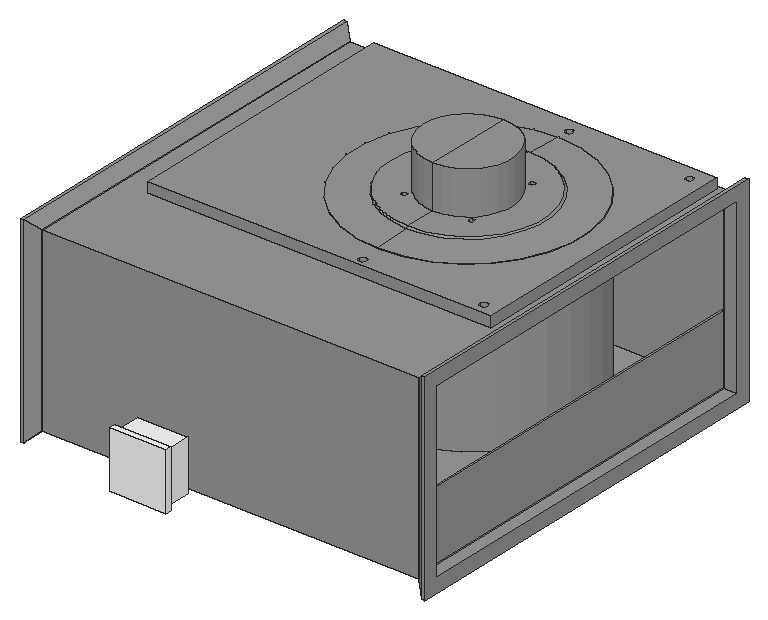
Revit family "RKB 600X300 E3 EC_7480102", category Mechanical Equipment, Revit 2014
Parameters (values of type "RBK 600X300 E3 EC")
  Wiring diagram = "4040147"
  Width = 642 mm
  Weight = 29.10 kg
  Voltage range = "380-480 V"
  Voltage = 400 V
  Speed = "2500 rpm"
  Sound pressure level at 3 m = "71 dB(A)"
  Power = 1220 W
  Phase = 3
  Max. temperature of transported air when speed controlled = 60 °C
  Max. temperature of transported air = 60 °C
  Main Material = Steel, Galvanized
  Height = 391 mm
  Frequency = 50 Hz
  Elevation [instance] = 2600 mm
  Description = "UNINSULATED DUCT FANS WITH RECTANGULAR CONNECTIONS"
  Depth = 643 mm
  Current = 1.88 A
  Connector Height = 300 mm
  Connector Width = 600 mm
  Capacitor = "- μF"
Reference planes
  plane 1 "Center (Front/Back)": y = 0
  plane 2: z = 0
  plane 3 "Center (Left/Right)": x = 0
  plane 4: x = -321
  plane 5: x = 321
  plane 6: y = 321.5
  plane 7: y = -321.5
  plane 8: z = 2600
  plane 9: z = 2991
Dimensions and locks
  equal spacing: plane 4, plane 3 "Center (Left/Right)", plane 5
  "Width": plane 4 to plane 5
  equal spacing: plane 6, plane 1 "Center (Front/Back)", plane 7
  "Depth": plane 6 to plane 7
  "Elevation": plane 8 to level
  "Height": plane 9 to plane 8
  aligned and locked: level to plane 2
  aligned and locked: nested 1 to plane 1 "Center (Front/Back)"
  aligned and locked: plane 1 "Center (Front/Back)" to nested 2
  aligned and locked: plane 3 "Center (Left/Right)" to nested 2
  aligned and locked: nested 2 to plane 8
  aligned and locked: plane 3 "Center (Left/Right)" to nested 1
Nested families
  nested 1: "Flow direction symbol" at (0, 0, 0), type "Flow direction symbol"
  nested 2: "RKB" at (0, 0, 2600), type "RKB"
Connectors
  electrical at (-107.218, -355.269, 2649), driven by "Phase", driven by "Voltage", driven by "Power"
    settings: on nested 2, index 3, voltage 400 V, apparent load 0 VA, apparent load phase1 1220 VA, apparent load phase2 0 VA, apparent load phase3 0 VA, power factor 1, load classification "HVAC", number of poles 3, system type 31, power factor state 1, is connector primary yes, connector utility no, sub classification motor no, connector description ""
  hvac at (-321, 0, 2759), driven by "Connector Height", driven by "Connector Width"
    settings: on nested 2, index 4, duct flow 0.0 L/s, flow factor 0, pres drop 0.0 Pa, loss coef 0, conn angle 0.00°, conn width 600 mm, conn height 300 mm, conn diameter 609.6 mm, duct sys type 1, conn prof type 1, flow config 0, flow direction 1, loss method 0, conn ref index -1, conn util no, is conn primary yes, conn desc ""
  hvac at (299.769, 0, 2759), driven by "Connector Height", driven by "Connector Width"
    settings: on nested 2, index 5, duct flow 0.0 L/s, flow factor 0, pres drop 0.0 Pa, loss coef 0, conn angle 0.00°, conn width 600 mm, conn height 300 mm, conn diameter 609.6 mm, duct sys type 3, conn prof type 1, flow config 0, flow direction 2, loss method 0, conn ref index -1, conn util no, is conn primary no, conn desc ""
Definition of nested family "RKB"
  Parameters (values of type "RKB")
    Width = 642 mm
    Main Material = Steel, Galvanized
    Height = 391 mm
    Description = ""
    Depth = 643 mm
    Connector Width = 600 mm
    Connector Heigth = 300 mm
  Reference planes
    plane 1 "Center (Front/Back)": y = 0
    plane 2: z = 0
    plane 3 "Center (Left/Right)": x = 0
    plane 4: x = -321
    plane 5: x = 321
    plane 6: y = 321.5
    plane 7: y = -321.5
    plane 8: z = 318
    plane 9: z = 119
    plane 10: x = -107.218
    plane 11: z = 159
    plane 12: z = 309
    plane 13: z = 9
    plane 14: y = 300
    plane 15: y = -300
    plane 16: z = 61.5
    plane 17: y = 24.017
    plane 18: z = 391
    plane 19: x = 71.904
    plane 20: y = 76.712
  Forms (mm)
    Sweep 1, solid, material "Steel, Galvanized" <- "Main Material", detail levels medium+fine
      path origin (-321, 864.407, 1200) x (0, 1, 0) y (0, 0, 1)
        loop
          line (-542.907, -1200) -> (-542.907, -882) -> (-1185.907, -882) -> (-1185.907, -1200) -> (-542.907, -1200)
      profile origin (-321, 321.5, 159) x (0, -1, 0) y (1, 0, 0)
        loop
          line (22.203, 21.231) -> (16.231, 21.231) -> (0, 5) -> (0, 0) -> (22.203, 0) -> (22.203, 21.231)
    Sweep 2, solid, material "Steel, Galvanized" <- "Main Material", detail levels medium+fine
      path origin (321, 864.407, 1200) x (0, 1, 0) y (0, 0, 1)
        loop
          line (-542.907, -1200) -> (-542.907, -882) -> (-1185.907, -882) -> (-1185.907, -1200) -> (-542.907, -1200)
      profile origin (321, 321.5, 159) x (0, -1, 0) y (1, 0, 0)
        loop
          line (22.203, -21.231) -> (22.203, 0) -> (0, 0) -> (0, -5) -> (16.231, -21.231) -> (22.203, -21.231)
    Revolve 3, solid, material "Steel, Galvanized" <- "Main Material", detail levels medium+fine
      sketch origin (71.904, 56.739, 1332.69) x (0, -1, 0) y (0, 0, 1)
        loop
          line (-19.973, -1281.823) -> (-19.973, -941.69) -> (-89.973, -941.69) -> (-89.973, -1009.589) -> (-140.53, -1009.589) -> (-142.625, -1011.684) -> (-199.973, -1014.69) -> (-199.973, -1281.823) -> (-19.973, -1281.823)
        axis (-19.973, -941.69) -> (-19.973, -1281.823)
      angle from 0 to 360
    Sweep 4, void
      path origin (43.109, 35, 1200) x (-1, 0, 0) y (0, 0, 1)
        loop
          line (-10.677, -904.203) -> (-10.677, -769.203)
      profile origin (53.785, 35, 363.297) x (1, 0, 0) y (0, 1, 0)
        loop
          circle (211.598, 240.202) r 6
        loop
          circle (20.259, 239.988) r 6
        loop
          circle (211.235, -168.183) r 6
        loop
          circle (22.268, -173.196) r 6
        loop
          circle (-35.527, 101.714) r 4
        loop
          circle (71.765, 101.714) r 4
        loop
          circle (-35.527, -18.29) r 4
        loop
          circle (71.765, -18.29) r 4
    Sweep 5, solid, material "Steel, Galvanized" <- "Main Material", detail levels coarse
      path origin (0, 0, 0) x (1, 0, 0) y (0, 1, 0)
        loop
          line (-321, 0) -> (321, 0)
      profile origin (0, 0, 0) x (0, 1, 0) y (0, 0, 1)
        loop
          line (321.5, 391) -> (-321.5, 391) -> (-321.5, 0) -> (321.5, 0) -> (321.5, 391)
    Sweep 6, solid, material "Steel, Galvanized" <- "Main Material", detail levels medium+fine
      path origin (0, 0, 0) x (0, 1, 0) y (0, 0, 1)
        loop
          line (299.297, 22.203) -> (299.297, 132.203)
      profile origin (0, 299.297, 77.203) x (0, -1, 0) y (1, 0, 0)
        loop
          line (0, -299.769) -> (598.595, -299.769) -> (598.595, -296.769) -> (0, -296.769) -> (0, -299.769)
        loop
          line (0, 299.769) -> (0, 296.769) -> (598.595, 296.769) -> (598.595, 299.769) -> (0, 299.769)
    Sweep 7, solid, material "Plastic", detail levels medium+fine
      path origin (0, 0, -1.959) x (1, 0, 0) y (0, 1, 0)
        loop
          line (-107.218, -305.269) -> (-107.218, -345.269)
      profile origin (-107.218, -325.269, -1.959) x (1, 0, 0) y (0, 0, 1)
        loop
          line (-40, 10.959) -> (40, 10.959) -> (40, 90.959) -> (-40, 90.959) -> (-40, 10.959)
    Sweep 8, solid, material "Plastic", detail levels medium+fine
      path origin (0, 0, 12.5) x (1, 0, 0) y (0, 1, 0)
        loop
          line (-107.218, -345.269) -> (-107.218, -355.269)
      profile origin (-107.218, -350.269, 12.5) x (1, 0, 0) y (0, 0, 1)
        loop
          line (-45, 81.5) -> (-45, -8.5) -> (45, -8.5) -> (45, 81.5) -> (-45, 81.5)
    Extrusion 9, solid, material "Steel, Galvanized" <- "Main Material"
      sketch origin (0, 0, 0) x (0, 1, 0) y (0, 0, 1)
        loop
          line (299.297, 318) -> (-150, 318) -> (-150, 301.769) -> (299.297, 301.769) -> (299.297, 318)
      from -256.386 to 289.349
    Extrusion 10, solid, material "Steel, Galvanized" <- "Main Material"
      sketch origin (0, 0, 0) x (0, 1, 0) y (0, 0, 1)
        loop
          line (305.269, 301.769) -> (-305.269, 301.769) -> (-305.269, 16.231) -> (305.269, 16.231) -> (305.269, 301.769)
        loop
          line (299.297, 295.797) -> (-299.297, 295.797) -> (-299.297, 22.203) -> (299.297, 22.203) -> (299.297, 295.797)
      from -299.769 to 299.769
  Cuts and joins
    joined: Sweep 1, Sweep 2
    Sweep 4 cuts Revolve 3
    Sweep 4 cuts Extrusion 9
  Dimensions and locks
    equal spacing: plane 4, plane 3 "Center (Left/Right)", plane 5
    "Width": plane 4 to plane 5
    equal spacing: plane 6, plane 1 "Center (Front/Back)", plane 7
    "Depth": plane 6 to plane 7
    Sweep 4 sketch curve to plane 8 to Sweep 4 sketch curve = 112.797 mm, 22.203 mm
    locked: Sweep 6 sketch curve to plane 2 at 22.203
    Sweep 6 sketch curve to Sweep 6 sketch curve = 110 mm
    locked: plane 6 to Sweep 6 sketch curve at 22.203  (x2)
    locked: plane 4 to Sweep 6 sketch curve at 21.231
    locked: Sweep 6 sketch curve to Sweep 6 sketch curve at 3  (x2)
    locked: Sweep 6 sketch curve to plane 7 at 22.203  (x2)
    locked: Sweep 6 sketch curve to plane 6 at 22.203
    locked: Sweep 6 sketch curve to plane 5 at 21.231
    Sweep 7 sketch curve to plane 7 to Sweep 7 sketch curve = 16.231 mm, 23.769 mm
    plane 7 to Sweep 8 sketch curve to Sweep 8 sketch curve = 23.769 mm, 10 mm locked
    equal spacing: plane 8, plane 11, plane 2
    "Connector Heigth": plane 12 to plane 13
    equal spacing: plane 12, plane 11, plane 13
    "Connector Width": plane 14 to plane 15
    equal spacing: plane 14, plane 1 "Center (Front/Back)", plane 15
    "Height": plane 18 to level
    aligned and locked: level to plane 2
    aligned and locked: Sweep 1 sketch curve to plane 6
    aligned and locked: plane 7 to Sweep 1 sketch curve
    aligned and locked: plane 2 to Sweep 1 sketch curve
    aligned and locked: Sweep 1 sketch curve to plane 8
    aligned and locked: Sweep 2 sketch curve to plane 8
    aligned and locked: plane 2 to Sweep 2 sketch curve
    aligned and locked: plane 7 to Sweep 2 sketch curve
    aligned and locked: Sweep 2 sketch curve to plane 6
    aligned and locked: plane 1 "Center (Front/Back)" to Sweep 5 sketch curve
    aligned and locked: plane 2 to Sweep 5 sketch curve
    aligned and locked: plane 7 to Sweep 5 sketch curve
    aligned and locked: Sweep 5 sketch curve to plane 6
    aligned and locked: plane 10 to Sweep 7 sketch curve
    aligned and locked: plane 10 to Sweep 8 sketch curve
    aligned and locked: Sweep 7 to plane 13
    aligned and locked: Sweep 5 sketch curve to plane 18
    aligned and locked: Extrusion 10 to cut or joined group of Sweep 1, Sweep 2  (x2)
    aligned and locked: cut or joined group of Sweep 4, Extrusion 9 to Extrusion 10
  Automatic sketch dimensions
    Sweep 1 sketch curve to profile plane = 0 mm
    Sweep 1 sketch curve to plane 4 = 0 mm
    Sweep 1 sketch curve to profile plane = 16.231 mm
    Sweep 1 sketch curve to Sweep 1 sketch curve = 5.972 mm
    plane 4 to Sweep 1 sketch curve = 5 mm
    plane 4 to Sweep 1 sketch curve = 21.231 mm
    Sweep 2 sketch curve to profile plane = 0 mm
    Sweep 2 sketch curve to plane 5 = 0 mm
    Sweep 2 sketch curve to profile plane = 16.231 mm
    Sweep 2 sketch curve to Sweep 2 sketch curve = 5.972 mm
    Sweep 2 sketch curve to Sweep 2 sketch curve = 5 mm
    Sweep 2 sketch curve to Sweep 2 sketch curve = 21.231 mm
    Sweep 5 sketch curve to plane 4 = 0 mm
    Sweep 5 sketch curve to plane 5 = 0 mm
    profile plane to Sweep 7 sketch curve = 40 mm
    Sweep 7 sketch curve to profile plane = 40 mm
    level to Sweep 7 sketch curve = 9 mm
    Sweep 7 sketch curve to Sweep 7 sketch curve = 80 mm
    profile plane to Sweep 8 sketch curve = 45 mm
    Sweep 8 sketch curve to profile plane = 45 mm
    level to Sweep 8 sketch curve = 4 mm
    Sweep 8 sketch curve to Sweep 8 sketch curve = 90 mm
    plane 12 to Extrusion 9 sketch curve = 9 mm
    plane 15 to Extrusion 9 sketch curve = 150 mm
    Extrusion 9 sketch curve to plane 14 = 0.703 mm
    Extrusion 9 sketch curve to plane 8 = 16.231 mm
    profile plane to Sweep 4 sketch curve = 35.527 mm  (x2)
    Sweep 4 sketch curve to profile plane = 20.259 mm
    Sweep 4 sketch curve to profile plane = 22.268 mm
    Sweep 4 sketch curve to profile plane = 71.765 mm  (x2)
    Sweep 4 sketch curve to Sweep 4 sketch curve = 139.833 mm
    Sweep 4 sketch curve to Sweep 4 sketch curve = 139.47 mm
    Sweep 4 sketch curve to profile plane = 18.29 mm  (x2)
    Sweep 4 sketch curve to Sweep 4 sketch curve = 149.893 mm
    Sweep 4 sketch curve to Sweep 4 sketch curve = 154.906 mm
    profile plane to Sweep 4 sketch curve = 101.714 mm  (x2)
    Sweep 4 sketch curve to Sweep 4 sketch curve = 138.488 mm
    Sweep 4 sketch curve to Sweep 4 sketch curve = 138.275 mm
    Extrusion 10 sketch curve to plane 15 = 5.269 mm
    plane 15 to Extrusion 10 sketch curve = 0.703 mm
    Extrusion 10 sketch curve to plane 14 = 0.703 mm
    plane 14 to Extrusion 10 sketch curve = 5.269 mm
    level to Extrusion 10 sketch curve = 16.231 mm
    Extrusion 10 sketch curve to Extrusion 10 sketch curve = 5.972 mm  (x2)
    Extrusion 10 sketch curve to plane 8 = 16.231 mm
    Sweep 4 sketch curve to plane 19 = 18.119 mm
    Revolve 3 sketch curve to plane 8 = 0 mm
    Revolve 3 sketch curve to plane 18 = 0 mm  (x2)
    Revolve 3 sketch curve to plane 20 = 0 mm  (x2)
    plane 20 to Revolve 3 sketch curve = 70 mm
    plane 8 to Revolve 3 sketch curve = 3.005 mm
    Revolve 3 sketch curve to Revolve 3 sketch curve = 52.653 mm
    plane 16 to Revolve 3 sketch curve = 10.633 mm
    Revolve 3 sketch curve to plane 14 = 43.288 mm
    plane 8 to Revolve 3 sketch curve = 5.101 mm
    Revolve 3 sketch curve to Revolve 3 sketch curve = 2.095 mm
    plane 11 to Revolve 3 sketch curve = 3.892 mm
    radius of Sweep 4 sketch curve = 6 mm  (x4)
    radius of Sweep 4 sketch curve = 4 mm  (x4)
Definition of nested family "Flow direction symbol"
  Parameters (values of type "Flow direction symbol")
    Warning = "!"
    Text = "DIMENSIONS OVERCONSTRAINT"
  Reference planes
    plane 1: y = 0
    plane 2: x = 0
  Lines and regions (mm)
    detail lines
      curve 1: line (-0.506, 0.877, 0) -> (-0.506, -0.877, 0)
      curve 2: line (1.012, 0, 0) -> (-0.506, -0.877, 0)
      curve 3: line (-0.506, 0.877, 0) -> (1.012, 0, 0)
      curve 4: circle (0, 0, 0) r 1 normal (0, 0, 1)
